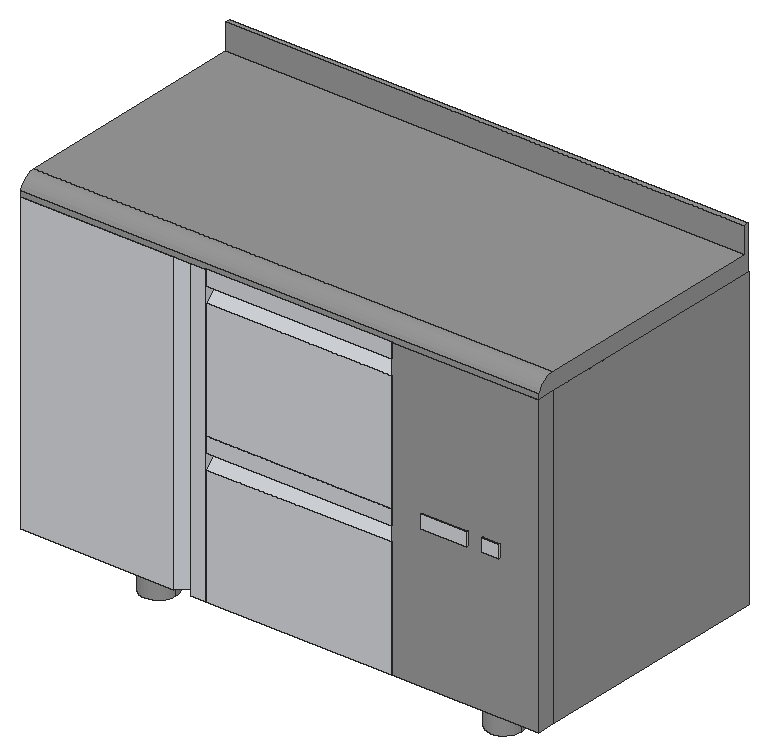
Revit family "Холодильные столы среднетемпературные", category Оборудование, Revit 2020 (continued)
Dimensions and locks
  aligned and locked: Extrusion 28 to Extrusion 31
  aligned and locked: Extrusion 31 to Extrusion 32
  aligned and locked: Extrusion 31 to Extrusion 33
  aligned and locked: plane 13 to cut or joined group of Extrusion 34, Extrusion 36, Extrusion 38, Extrusion 40, Extrusion 42
  aligned and locked: plane 5 to cut or joined group of Extrusion 34, Extrusion 36, Extrusion 38, Extrusion 40, Extrusion 42
  aligned and locked: plane 13 to cut or joined group of Extrusion 35, Extrusion 36, Extrusion 38, Extrusion 40, Extrusion 42
  aligned and locked: plane 5 to cut or joined group of Extrusion 35, Extrusion 36, Extrusion 38, Extrusion 40, Extrusion 42
  aligned and locked: plane 13 to cut or joined group of Extrusion 41, Extrusion 42
  aligned and locked: plane 5 to cut or joined group of Extrusion 41, Extrusion 42
  aligned and locked: plane 13 to cut or joined group of Extrusion 37, Extrusion 38
  aligned and locked: plane 5 to cut or joined group of Extrusion 37, Extrusion 38
  aligned and locked: plane 13 to cut or joined group of Extrusion 39, Extrusion 40
  aligned and locked: plane 5 to cut or joined group of Extrusion 39, Extrusion 40
  aligned and locked: Extrusion 43 to plane 22
  aligned and locked: plane 11 to Extrusion 43
  aligned and locked: Extrusion 44 to plane 10
  aligned and locked: Extrusion 47 sketch curve to Extrusion 29
  aligned and locked: Extrusion 47 sketch curve to Extrusion 44
  aligned and locked: Extrusion 47 sketch curve to Extrusion 1  (x2)
  aligned and locked: Extrusion 47 to Extrusion 1
  aligned and locked: curve 387 to curve 406
  aligned and locked: curve 511 to curve 530
  aligned and locked: curve 513 to curve 484
  aligned and locked: curve 389 to curve 360
  aligned and locked: Extrusion 48 to plane 5
  aligned and locked: Extrusion 48 to Extrusion 9
  aligned and locked: Extrusion 49 to plane 5
  aligned and locked: Extrusion 49 to Extrusion 48  (x2)
  aligned and locked: cut or joined group of Extrusion 39, Extrusion 40 to cut or joined group of Extrusion 37, Extrusion 38
Automatic sketch dimensions
  Extrusion 3 sketch curve to Extrusion 3 sketch curve = 430 mm
  Extrusion 4 sketch curve to Extrusion 4 sketch curve = 430 mm
  Extrusion 3 sketch curve to Extrusion 3 sketch curve = 690 mm
  Extrusion 4 sketch curve to Extrusion 4 sketch curve = 690 mm
  Extrusion 11 sketch curve to Extrusion 11 sketch curve = 60 mm
  Extrusion 11 sketch curve to Extrusion 11 sketch curve = 32.25 mm
  Extrusion 11 sketch curve to Extrusion 11 sketch curve = 11.625 mm
  Extrusion 12 sketch curve to Extrusion 12 sketch curve = 60 mm
  Extrusion 12 sketch curve to Extrusion 12 sketch curve = 32.25 mm
  Extrusion 12 sketch curve to Extrusion 12 sketch curve = 11.625 mm
  Extrusion 2 sketch curve to plane 8 = 0 mm
  Extrusion 2 sketch curve to plane 11 = 0 mm
  Extrusion 5 sketch curve to plane 16 = 0 mm
  Extrusion 5 sketch curve to plane 17 = 0 mm
  Extrusion 6 sketch curve to plane 15 = 0 mm
  Extrusion 6 sketch curve to plane 17 = 0 mm
  Extrusion 7 sketch curve to plane 16 = 0 mm
  Extrusion 7 sketch curve to plane 18 = 0 mm
  Extrusion 8 sketch curve to plane 15 = 0 mm
  Extrusion 8 sketch curve to plane 18 = 0 mm
  Extrusion 9 sketch curve to plane 14 = 15 mm
  plane 15 to Extrusion 9 sketch curve = 70 mm
  Extrusion 9 sketch curve to Extrusion 9 sketch curve = 40 mm
  plane 14 to Extrusion 9 sketch curve = 15 mm
  Extrusion 10 sketch curve to plane 14 = 15 mm
  plane 12 to Extrusion 10 sketch curve = 70 mm
  plane 15 to Extrusion 10 sketch curve = 35 mm
  plane 14 to Extrusion 10 sketch curve = 15 mm
  Extrusion 13 sketch curve to plane 6 = 0 mm
  Extrusion 13 sketch curve to plane 9 = 0 mm
  Extrusion 14 sketch curve to plane 13 = 0 mm
  Extrusion 14 sketch curve to plane 19 = 0 mm
  plane 5 to Extrusion 14 sketch curve = 0 mm  (x2)
  Extrusion 14 sketch curve to plane 12 = 0 mm
  plane 19 to Extrusion 14 sketch curve = 15.251 mm
  Extrusion 14 sketch curve to Extrusion 14 sketch curve = 20 mm
  Extrusion 14 sketch curve to Extrusion 14 sketch curve = 15 mm  (x2)
  Extrusion 14 sketch curve to Extrusion 14 sketch curve = 24.749 mm
  Extrusion 14 sketch curve to plane 5 = 9.749 mm
  Extrusion 15 sketch curve to plane 5 = 0 mm
  Extrusion 15 sketch curve to plane 4 = 0 mm
  Extrusion 15 sketch curve to plane 13 = 0 mm
  Extrusion 15 sketch curve to plane 9 = 0 mm
  Extrusion 15 sketch curve to plane 1 "По центру (Вперед/Назад)" = 0 mm
  Extrusion 15 sketch curve to plane 7 = 0 mm
  Extrusion 15 sketch curve to plane 6 = 0 mm
  plane 13 to Extrusion 15 sketch curve = 0.811 mm
  Extrusion 15 sketch curve to plane 7 = 3.725 mm
  Extrusion 16 sketch curve to plane 13 = 0 mm
  Extrusion 16 sketch curve to plane 19 = 0 mm
  plane 5 to Extrusion 16 sketch curve = 0 mm  (x2)
  plane 19 to Extrusion 16 sketch curve = 15.251 mm
  Extrusion 16 sketch curve to Extrusion 16 sketch curve = 20 mm
  Extrusion 16 sketch curve to Extrusion 16 sketch curve = 15 mm  (x2)
  Extrusion 16 sketch curve to Extrusion 16 sketch curve = 24.749 mm
  plane 20 to Extrusion 16 sketch curve = 860 mm
  Extrusion 16 sketch curve to Extrusion 16 sketch curve = 9.749 mm
  Extrusion 17 sketch curve to plane 13 = 0 mm
  Extrusion 17 sketch curve to plane 21 = 0 mm
  plane 5 to Extrusion 17 sketch curve = 0 mm  (x2)
  Extrusion 17 sketch curve to plane 10 = 0 mm
  plane 21 to Extrusion 17 sketch curve = 15.251 mm
  Extrusion 17 sketch curve to Extrusion 17 sketch curve = 20 mm
  Extrusion 17 sketch curve to Extrusion 17 sketch curve = 15 mm  (x2)
  Extrusion 17 sketch curve to Extrusion 17 sketch curve = 24.749 mm
  Extrusion 17 sketch curve to Extrusion 17 sketch curve = 9.749 mm
  Extrusion 18 sketch curve to plane 13 = 0 mm
  Extrusion 18 sketch curve to plane 21 = 0 mm
  plane 5 to Extrusion 18 sketch curve = 0 mm  (x2)
  Extrusion 18 sketch curve to plane 20 = 0 mm
  plane 21 to Extrusion 18 sketch curve = 15.251 mm
  Extrusion 18 sketch curve to Extrusion 18 sketch curve = 20 mm
  Extrusion 18 sketch curve to Extrusion 18 sketch curve = 15 mm  (x2)
  Extrusion 18 sketch curve to Extrusion 18 sketch curve = 24.749 mm
  Extrusion 18 sketch curve to plane 5 = 9.749 mm
  Extrusion 19 sketch curve to plane 5 = 0 mm  (x2)
  Extrusion 19 sketch curve to plane 13 = 0 mm
  Extrusion 19 sketch curve to plane 14 = 0 mm
  Extrusion 19 sketch curve to plane 7 = 0 mm
  Extrusion 19 sketch curve to Extrusion 19 sketch curve = 15 mm
  Extrusion 19 sketch curve to Extrusion 19 sketch curve = 9.749 mm
  Extrusion 19 sketch curve to plane 7 = 69.749 mm
  Extrusion 19 sketch curve to Extrusion 19 sketch curve = 24.749 mm
  Extrusion 19 sketch curve to Extrusion 19 sketch curve = 10 mm
  Extrusion 19 sketch curve to plane 7 = 15 mm
  Extrusion 20 sketch curve to plane 5 = 0 mm  (x2)
  Extrusion 20 sketch curve to plane 8 = 0 mm
  Extrusion 20 sketch curve to plane 13 = 0 mm
  Extrusion 20 sketch curve to plane 14 = 0 mm
  Extrusion 20 sketch curve to Extrusion 20 sketch curve = 15 mm
  Extrusion 20 sketch curve to Extrusion 20 sketch curve = 9.749 mm
  plane 22 to Extrusion 20 sketch curve = 45.251 mm
  Extrusion 20 sketch curve to Extrusion 20 sketch curve = 24.749 mm
  Extrusion 20 sketch curve to Extrusion 20 sketch curve = 10 mm
  Extrusion 20 sketch curve to plane 14 = 15 mm
  Extrusion 21 sketch curve to plane 5 = 0 mm  (x2)
  Extrusion 21 sketch curve to plane 13 = 0 mm
  Extrusion 21 sketch curve to plane 14 = 0 mm
  Extrusion 21 sketch curve to plane 7 = 0 mm
  Extrusion 21 sketch curve to Extrusion 21 sketch curve = 15 mm
  Extrusion 21 sketch curve to Extrusion 21 sketch curve = 9.749 mm
  Extrusion 21 sketch curve to plane 7 = 69.749 mm
  Extrusion 21 sketch curve to Extrusion 21 sketch curve = 24.749 mm
  Extrusion 21 sketch curve to Extrusion 21 sketch curve = 10 mm
  Extrusion 21 sketch curve to plane 7 = 15 mm
  Extrusion 22 sketch curve to plane 5 = 0 mm  (x2)
  Extrusion 22 sketch curve to plane 8 = 0 mm
  Extrusion 22 sketch curve to plane 13 = 0 mm
  Extrusion 22 sketch curve to plane 14 = 0 mm
  Extrusion 22 sketch curve to plane 5 = 15 mm
  Extrusion 22 sketch curve to Extrusion 22 sketch curve = 9.749 mm
  plane 22 to Extrusion 22 sketch curve = 45.251 mm
  Extrusion 22 sketch curve to Extrusion 22 sketch curve = 24.749 mm
  Extrusion 22 sketch curve to Extrusion 22 sketch curve = 10 mm
  Extrusion 22 sketch curve to plane 14 = 15 mm
  Extrusion 23 sketch curve to plane 5 = 0 mm  (x2)
  Extrusion 23 sketch curve to plane 13 = 0 mm
  Extrusion 23 sketch curve to plane 14 = 0 mm
  Extrusion 23 sketch curve to plane 7 = 0 mm
  Extrusion 23 sketch curve to Extrusion 23 sketch curve = 15 mm
  Extrusion 23 sketch curve to Extrusion 23 sketch curve = 9.749 mm
  Extrusion 23 sketch curve to plane 7 = 69.749 mm
  Extrusion 23 sketch curve to Extrusion 23 sketch curve = 24.749 mm
  Extrusion 23 sketch curve to Extrusion 23 sketch curve = 10 mm
  Extrusion 23 sketch curve to plane 7 = 15 mm
  Extrusion 24 sketch curve to plane 5 = 0 mm  (x2)
  Extrusion 24 sketch curve to plane 8 = 0 mm
  Extrusion 24 sketch curve to plane 13 = 0 mm
  Extrusion 24 sketch curve to plane 14 = 0 mm
  Extrusion 24 sketch curve to plane 5 = 15 mm
  Extrusion 24 sketch curve to Extrusion 24 sketch curve = 9.749 mm
  plane 22 to Extrusion 24 sketch curve = 45.251 mm
  Extrusion 24 sketch curve to Extrusion 24 sketch curve = 24.749 mm
  Extrusion 24 sketch curve to Extrusion 24 sketch curve = 10 mm
  Extrusion 24 sketch curve to plane 14 = 15 mm
  Extrusion 25 sketch curve to plane 5 = 0 mm  (x2)
  Extrusion 25 sketch curve to plane 13 = 0 mm
  Extrusion 25 sketch curve to plane 23 = 0 mm
  Extrusion 25 sketch curve to plane 7 = 0 mm
  Extrusion 25 sketch curve to Extrusion 25 sketch curve = 15 mm
  Extrusion 25 sketch curve to Extrusion 25 sketch curve = 9.749 mm
  Extrusion 25 sketch curve to plane 7 = 69.749 mm
  Extrusion 25 sketch curve to Extrusion 25 sketch curve = 24.749 mm
  Extrusion 25 sketch curve to Extrusion 25 sketch curve = 10 mm
  Extrusion 25 sketch curve to plane 7 = 15 mm
  Extrusion 26 sketch curve to plane 5 = 0 mm  (x2)
  Extrusion 26 sketch curve to plane 13 = 0 mm
  Extrusion 26 sketch curve to plane 22 = 0 mm
  Extrusion 26 sketch curve to plane 23 = 0 mm
  Extrusion 26 sketch curve to plane 5 = 15 mm
  Extrusion 26 sketch curve to Extrusion 26 sketch curve = 9.749 mm
  plane 14 to Extrusion 26 sketch curve = 45.251 mm
  Extrusion 26 sketch curve to Extrusion 26 sketch curve = 24.749 mm
  Extrusion 26 sketch curve to Extrusion 26 sketch curve = 10 mm
  Extrusion 26 sketch curve to plane 23 = 15 mm
  Extrusion 27 sketch curve to plane 5 = 0 mm  (x2)
  Extrusion 27 sketch curve to plane 8 = 0 mm
  Extrusion 27 sketch curve to plane 13 = 0 mm
  Extrusion 27 sketch curve to plane 22 = 0 mm
  Extrusion 27 sketch curve to plane 5 = 15 mm
  Extrusion 27 sketch curve to Extrusion 27 sketch curve = 9.749 mm
  Extrusion 27 sketch curve to plane 22 = 69.749 mm
  Extrusion 27 sketch curve to Extrusion 27 sketch curve = 24.749 mm
  Extrusion 27 sketch curve to Extrusion 27 sketch curve = 10 mm
  Extrusion 27 sketch curve to plane 22 = 15 mm
  Extrusion 28 sketch curve to plane 5 = 0 mm  (x2)
  Extrusion 28 sketch curve to plane 13 = 0 mm
  Extrusion 28 sketch curve to plane 23 = 0 mm
  Extrusion 28 sketch curve to plane 7 = 0 mm
  Extrusion 28 sketch curve to Extrusion 28 sketch curve = 15 mm
  Extrusion 28 sketch curve to Extrusion 28 sketch curve = 9.749 mm
  Extrusion 28 sketch curve to plane 7 = 69.749 mm
  Extrusion 28 sketch curve to Extrusion 28 sketch curve = 24.749 mm
  Extrusion 28 sketch curve to Extrusion 28 sketch curve = 10 mm
  Extrusion 28 sketch curve to plane 7 = 15 mm
  Extrusion 29 sketch curve to plane 5 = 0 mm  (x2)
  Extrusion 29 sketch curve to plane 13 = 0 mm
  Extrusion 29 sketch curve to plane 22 = 0 mm
  Extrusion 29 sketch curve to plane 23 = 0 mm
  Extrusion 29 sketch curve to plane 5 = 15 mm
  Extrusion 29 sketch curve to Extrusion 29 sketch curve = 9.749 mm
  plane 14 to Extrusion 29 sketch curve = 45.251 mm
  Extrusion 29 sketch curve to Extrusion 29 sketch curve = 24.749 mm
  Extrusion 29 sketch curve to Extrusion 29 sketch curve = 10 mm
  Extrusion 29 sketch curve to plane 23 = 15 mm
  Extrusion 30 sketch curve to plane 5 = 0 mm  (x2)
  Extrusion 30 sketch curve to plane 8 = 0 mm
  Extrusion 30 sketch curve to plane 13 = 0 mm
  Extrusion 30 sketch curve to plane 22 = 0 mm
  Extrusion 30 sketch curve to plane 5 = 15 mm
  Extrusion 30 sketch curve to Extrusion 30 sketch curve = 9.749 mm
  Extrusion 30 sketch curve to plane 22 = 69.749 mm
  Extrusion 30 sketch curve to Extrusion 30 sketch curve = 24.749 mm
  Extrusion 30 sketch curve to Extrusion 30 sketch curve = 10 mm
  Extrusion 30 sketch curve to plane 22 = 15 mm
  Extrusion 31 sketch curve to plane 5 = 0 mm  (x2)
  Extrusion 31 sketch curve to plane 13 = 0 mm
  Extrusion 31 sketch curve to plane 23 = 0 mm
  Extrusion 31 sketch curve to plane 7 = 0 mm
  Extrusion 31 sketch curve to Extrusion 31 sketch curve = 15 mm
  Extrusion 31 sketch curve to Extrusion 31 sketch curve = 9.749 mm
  Extrusion 31 sketch curve to plane 7 = 69.749 mm
  Extrusion 31 sketch curve to Extrusion 31 sketch curve = 24.749 mm
  Extrusion 31 sketch curve to Extrusion 31 sketch curve = 10 mm
  Extrusion 31 sketch curve to plane 7 = 15 mm
  Extrusion 32 sketch curve to plane 5 = 0 mm  (x2)
  Extrusion 32 sketch curve to plane 13 = 0 mm
  Extrusion 32 sketch curve to plane 22 = 0 mm
  Extrusion 32 sketch curve to plane 23 = 0 mm
  Extrusion 32 sketch curve to plane 5 = 15 mm
  Extrusion 32 sketch curve to Extrusion 32 sketch curve = 9.749 mm
  plane 14 to Extrusion 32 sketch curve = 45.251 mm
  Extrusion 32 sketch curve to Extrusion 32 sketch curve = 24.749 mm
  Extrusion 32 sketch curve to Extrusion 32 sketch curve = 10 mm
  Extrusion 32 sketch curve to plane 23 = 15 mm
  Extrusion 33 sketch curve to plane 5 = 0 mm  (x2)
  Extrusion 33 sketch curve to plane 8 = 0 mm
  Extrusion 33 sketch curve to plane 13 = 0 mm
  Extrusion 33 sketch curve to plane 22 = 0 mm
  Extrusion 33 sketch curve to plane 5 = 15 mm
  Extrusion 33 sketch curve to Extrusion 33 sketch curve = 9.749 mm
  Extrusion 33 sketch curve to plane 22 = 69.749 mm
  Extrusion 33 sketch curve to Extrusion 33 sketch curve = 24.749 mm
  Extrusion 33 sketch curve to Extrusion 33 sketch curve = 10 mm
  Extrusion 33 sketch curve to plane 22 = 15 mm
  Extrusion 34 sketch curve to plane 8 = 0 mm
  Extrusion 34 sketch curve to plane 10 = 0 mm
  Extrusion 34 sketch curve to plane 7 = 0 mm
  Extrusion 34 sketch curve to plane 21 = 0 mm
  Extrusion 35 sketch curve to plane 21 = 0 mm
  Extrusion 35 sketch curve to plane 7 = 0 mm
  Extrusion 35 sketch curve to plane 20 = 0 mm
  Extrusion 35 sketch curve to plane 23 = 0 mm
  Extrusion 36 sketch curve to plane 5 = 0 mm
  Extrusion 36 sketch curve to plane 13 = 7.75 mm
  plane 23 to Extrusion 36 sketch curve = 103.028 mm
  Extrusion 36 sketch curve to Extrusion 36 sketch curve = 48.375 mm
  Extrusion 36 sketch curve to Extrusion 36 sketch curve = 11.625 mm
  Extrusion 37 sketch curve to plane 14 = 0 mm
  Extrusion 37 sketch curve to plane 20 = 0 mm
  Extrusion 37 sketch curve to plane 7 = 0 mm
  plane 19 to Extrusion 37 sketch curve = 860 mm
  Extrusion 38 sketch curve to plane 5 = 0 mm
  Extrusion 38 sketch curve to plane 13 = 7.75 mm
  plane 23 to Extrusion 38 sketch curve = 103.028 mm
  Extrusion 38 sketch curve to Extrusion 38 sketch curve = 48.375 mm
  Extrusion 38 sketch curve to Extrusion 38 sketch curve = 11.625 mm
  Extrusion 39 sketch curve to plane 8 = 0 mm
  Extrusion 39 sketch curve to plane 20 = 0 mm
  Extrusion 39 sketch curve to plane 14 = 0 mm
  plane 19 to Extrusion 39 sketch curve = 860 mm
  Extrusion 40 sketch curve to plane 5 = 0 mm
  Extrusion 40 sketch curve to plane 13 = 7.75 mm
  Extrusion 40 sketch curve to plane 22 = 11.972 mm
  plane 22 to Extrusion 40 sketch curve = 36.403 mm
  Extrusion 40 sketch curve to Extrusion 40 sketch curve = 11.625 mm
  Extrusion 41 sketch curve to plane 8 = 0 mm
  Extrusion 41 sketch curve to plane 21 = 0 mm
  Extrusion 41 sketch curve to plane 20 = 0 mm
  Extrusion 41 sketch curve to plane 23 = 0 mm
  Extrusion 42 sketch curve to plane 5 = 0 mm
  Extrusion 42 sketch curve to plane 13 = 7.75 mm
  Extrusion 42 sketch curve to plane 14 = 11.972 mm
  plane 14 to Extrusion 42 sketch curve = 36.403 mm
  Extrusion 42 sketch curve to Extrusion 42 sketch curve = 11.625 mm
  Extrusion 43 sketch curve to plane 13 = 0 mm
  plane 5 to Extrusion 43 sketch curve = 0 mm  (x2)
  Extrusion 43 sketch curve to plane 11 = 0 mm
  Extrusion 43 sketch curve to plane 12 = 15 mm
  Extrusion 43 sketch curve to plane 13 = 15.251 mm
  Extrusion 43 sketch curve to Extrusion 43 sketch curve = 24.749 mm
  Extrusion 43 sketch curve to plane 5 = 9.749 mm
  Extrusion 43 sketch curve to Extrusion 43 sketch curve = 15 mm
  Extrusion 43 sketch curve to Extrusion 43 sketch curve = 20 mm
  Extrusion 43 sketch curve to Extrusion 43 sketch curve = 15.251 mm
  Extrusion 44 sketch curve to plane 13 = 0 mm
  Extrusion 44 sketch curve to plane 21 = 0 mm
  plane 5 to Extrusion 44 sketch curve = 0 mm  (x2)
  Extrusion 44 sketch curve to plane 10 = 0 mm
  plane 21 to Extrusion 44 sketch curve = 15.251 mm
  Extrusion 44 sketch curve to Extrusion 44 sketch curve = 20 mm
  Extrusion 44 sketch curve to Extrusion 44 sketch curve = 15 mm  (x2)
  Extrusion 44 sketch curve to Extrusion 44 sketch curve = 24.749 mm
  plane 5 to Extrusion 44 sketch curve = 9.749 mm
  Extrusion 45 sketch curve to plane 13 = 0 mm
  plane 5 to Extrusion 45 sketch curve = 0 mm  (x2)
  plane 12 to Extrusion 45 sketch curve = 130 mm
  Extrusion 45 sketch curve to Extrusion 45 sketch curve = 15.251 mm
  Extrusion 45 sketch curve to Extrusion 45 sketch curve = 20 mm
  Extrusion 45 sketch curve to Extrusion 45 sketch curve = 15 mm  (x2)
  Extrusion 45 sketch curve to Extrusion 45 sketch curve = 24.749 mm
  plane 3 "По центру (Влево/Вправо)" to Extrusion 45 sketch curve = 300 mm
  plane 5 to Extrusion 45 sketch curve = 9.749 mm
  Extrusion 46 sketch curve to plane 13 = 0 mm
  plane 21 to Extrusion 46 sketch curve = 40 mm
  plane 5 to Extrusion 46 sketch curve = 0 mm  (x2)
  plane 20 to Extrusion 46 sketch curve = 40 mm
  plane 21 to Extrusion 46 sketch curve = 55.251 mm
  Extrusion 46 sketch curve to Extrusion 46 sketch curve = 20 mm
  Extrusion 46 sketch curve to Extrusion 46 sketch curve = 15 mm  (x2)
  Extrusion 46 sketch curve to Extrusion 46 sketch curve = 24.749 mm
  Extrusion 46 sketch curve to plane 5 = 9.749 mm
  curve 1 to Extrusion 2 = 70 mm
  curve 285 to Extrusion 2 = 70 mm
  curve 11 to curve 285 = 30 mm
  curve 13 to curve 150 = 12.5 mm
  curve 14 to curve 15 = 30 mm
  curve 15 to curve 16 = 12.5 mm
  curve 16 to curve 151 = 30 mm
  curve 17 to curve 18 = 12.5 mm
  curve 18 to curve 19 = 30 mm
  curve 19 to curve 20 = 12.5 mm
  curve 20 to curve 28 = 30 mm
  curve 22 to Extrusion 2 = 45 mm
  curve 2 to curve 2 = 250 mm
  curve 8 to curve 18 = 95 mm
  curve 17 to curve 18 = 0 mm
  curve 15 to curve 16 = 0 mm
  curve 149 to curve 14 = 0 mm
  curve 23 to Extrusion 2 = 50 mm
  curve 1 to curve 3 = 30 mm
  curve 234 to curve 235 = 12.5 mm
  curve 180 to curve 180 = 30 mm
  curve 225 to curve 226 = 12.5 mm
  curve 6 to curve 7 = 30 mm
  curve 176 to curve 177 = 12.5 mm
  curve 202 to curve 202 = 30 mm
  curve 232 to curve 233 = 12.5 mm
  curve 280 to curve 4 = 0 mm
  curve 281 to curve 6 = 0 mm
  curve 282 to curve 8 = 0 mm
  curve 4 to curve 275 = 10 mm
  curve 6 to curve 276 = 10 mm
  curve 8 to curve 277 = 10 mm
  curve 10 to curve 278 = 10 mm
  curve 1 to curve 274 = 10 mm
  curve 278 to curve 273 = 10 mm
  curve 277 to curve 272 = 10 mm
  curve 275 to curve 270 = 10 mm
  curve 276 to curve 271 = 10 mm
  curve 274 to curve 269 = 10 mm
  curve 269 to curve 264 = 10 mm
  curve 270 to curve 265 = 10 mm
  curve 271 to curve 266 = 10 mm
  curve 272 to curve 267 = 10 mm
  curve 273 to curve 268 = 10 mm
  curve 268 to curve 263 = 10 mm
  curve 266 to curve 261 = 10 mm
  curve 267 to curve 262 = 10 mm
  curve 264 to curve 259 = 10 mm
  curve 265 to curve 260 = 10 mm
  curve 263 to curve 258 = 10 mm
  curve 259 to curve 254 = 10 mm
  curve 260 to curve 255 = 10 mm
  curve 261 to curve 256 = 10 mm
  curve 262 to curve 257 = 10 mm
  curve 258 to curve 253 = 10 mm
  curve 257 to curve 252 = 10 mm
  curve 256 to curve 251 = 10 mm
  curve 255 to curve 250 = 10 mm
  curve 254 to curve 249 = 10 mm
  curve 251 to curve 246 = 10 mm
  curve 249 to curve 244 = 10 mm
  curve 250 to curve 245 = 10 mm
  curve 252 to curve 247 = 10 mm
  curve 253 to curve 248 = 10 mm
  curve 244 to curve 239 = 10 mm
  curve 245 to curve 240 = 10 mm
  curve 246 to curve 241 = 10 mm
  curve 247 to curve 242 = 10 mm
  curve 248 to curve 243 = 10 mm
  curve 239 to curve 234 = 10 mm
  curve 240 to curve 235 = 10 mm
  curve 242 to curve 237 = 10 mm
  curve 243 to curve 238 = 10 mm
  curve 241 to curve 236 = 10 mm
  curve 234 to curve 229 = 10 mm
  curve 235 to curve 230 = 10 mm
  curve 236 to curve 231 = 10 mm
  curve 237 to curve 232 = 10 mm
  curve 238 to curve 233 = 10 mm
  curve 229 to curve 224 = 10 mm
  curve 230 to curve 225 = 10 mm
  curve 231 to curve 226 = 10 mm
  curve 232 to curve 227 = 10 mm
  curve 233 to curve 228 = 10 mm
  curve 224 to curve 219 = 10 mm
  curve 226 to curve 221 = 10 mm
  curve 227 to curve 222 = 10 mm
  curve 228 to curve 223 = 10 mm
  curve 225 to curve 220 = 10 mm
  curve 223 to curve 218 = 10 mm
  curve 222 to curve 217 = 10 mm
  curve 221 to curve 216 = 10 mm
  curve 220 to curve 215 = 10 mm
  curve 219 to curve 214 = 10 mm
  curve 218 to curve 213 = 10 mm
  curve 217 to curve 212 = 10 mm
  curve 216 to curve 211 = 10 mm
  curve 215 to curve 210 = 10 mm
  curve 214 to curve 209 = 10 mm
  curve 213 to curve 208 = 10 mm
  curve 212 to curve 207 = 10 mm
  curve 211 to curve 206 = 10 mm
  curve 209 to curve 204 = 10 mm
  curve 210 to curve 205 = 10 mm
  curve 204 to curve 199 = 10 mm
  curve 205 to curve 200 = 10 mm
  curve 206 to curve 201 = 10 mm
  curve 207 to curve 202 = 10 mm
  curve 208 to curve 203 = 10 mm
  curve 202 to curve 197 = 10 mm
  curve 201 to curve 196 = 10 mm
  curve 200 to curve 195 = 10 mm
  curve 203 to curve 198 = 10 mm
  curve 199 to curve 194 = 10 mm
  curve 196 to curve 191 = 10 mm
  curve 194 to curve 189 = 10 mm
  curve 195 to curve 190 = 10 mm
  curve 197 to curve 192 = 10 mm
  curve 198 to curve 193 = 10 mm
  curve 193 to curve 188 = 10 mm
  curve 192 to curve 187 = 10 mm
  curve 191 to curve 186 = 10 mm
  curve 189 to curve 184 = 10 mm
  curve 190 to curve 185 = 10 mm
  curve 188 to curve 183 = 10 mm
  curve 187 to curve 182 = 10 mm
  curve 186 to curve 181 = 10 mm
  curve 185 to curve 180 = 10 mm
  curve 184 to curve 179 = 10 mm
  curve 181 to curve 176 = 10 mm
  curve 179 to curve 174 = 10 mm
  curve 180 to curve 175 = 10 mm
  curve 182 to curve 177 = 10 mm
  curve 183 to curve 178 = 10 mm
  curve 178 to curve 173 = 10 mm
  curve 177 to curve 172 = 10 mm
  curve 176 to curve 171 = 10 mm
  curve 174 to curve 169 = 10 mm
  curve 175 to curve 170 = 10 mm
  curve 169 to curve 164 = 10 mm
  curve 170 to curve 165 = 10 mm
  curve 171 to curve 166 = 10 mm
  curve 172 to curve 167 = 10 mm
  curve 173 to curve 168 = 10 mm
  curve 164 to curve 159 = 10 mm
  curve 165 to curve 160 = 10 mm
  curve 166 to curve 161 = 10 mm
  curve 167 to curve 162 = 10 mm
  curve 168 to curve 163 = 10 mm
  curve 157 to curve 9 = 0 mm
  curve 156 to curve 7 = 0 mm
  curve 155 to curve 5 = 0 mm
  curve 154 to curve 3 = 30 mm
  curve 13 to curve 144 = 10 mm
  curve 16 to curve 146 = 10 mm
  curve 12 to curve 148 = 10 mm
  curve 19 to curve 147 = 10 mm
  curve 14 to curve 145 = 10 mm
  curve 144 to curve 139 = 10 mm
  curve 148 to curve 143 = 10 mm
  curve 147 to curve 142 = 10 mm
  curve 146 to curve 141 = 10 mm
  curve 145 to curve 140 = 10 mm
  curve 143 to curve 138 = 10 mm
  curve 142 to curve 137 = 10 mm
  curve 139 to curve 134 = 10 mm
  curve 140 to curve 135 = 10 mm
  curve 141 to curve 136 = 10 mm
  curve 134 to curve 129 = 10 mm
  curve 138 to curve 133 = 10 mm
  curve 137 to curve 132 = 10 mm
  curve 136 to curve 131 = 10 mm
  curve 135 to curve 130 = 10 mm
  curve 133 to curve 128 = 10 mm
  curve 132 to curve 127 = 10 mm
  curve 129 to curve 124 = 10 mm
  curve 130 to curve 125 = 10 mm
  curve 131 to curve 126 = 10 mm
  curve 127 to curve 122 = 10 mm
  curve 124 to curve 119 = 10 mm
  curve 125 to curve 120 = 10 mm
  curve 128 to curve 123 = 10 mm
  curve 126 to curve 121 = 10 mm
  curve 119 to curve 114 = 10 mm
  curve 120 to curve 115 = 10 mm
  curve 123 to curve 118 = 10 mm
  curve 121 to curve 116 = 10 mm
  curve 122 to curve 117 = 10 mm
  curve 116 to curve 111 = 10 mm
  curve 114 to curve 109 = 10 mm
  curve 115 to curve 110 = 10 mm
  curve 118 to curve 113 = 10 mm
  curve 117 to curve 112 = 10 mm
  curve 111 to curve 106 = 10 mm
  curve 109 to curve 104 = 10 mm
  curve 110 to curve 105 = 10 mm
  curve 113 to curve 108 = 10 mm
  curve 112 to curve 107 = 10 mm
  curve 104 to curve 99 = 10 mm
  curve 105 to curve 100 = 10 mm
  curve 106 to curve 101 = 10 mm
  curve 107 to curve 102 = 10 mm
  curve 108 to curve 103 = 10 mm
  curve 103 to curve 98 = 10 mm
  curve 99 to curve 94 = 10 mm
  curve 100 to curve 95 = 10 mm
  curve 102 to curve 97 = 10 mm
  curve 101 to curve 96 = 10 mm
  curve 95 to curve 90 = 10 mm
  curve 94 to curve 89 = 10 mm
  curve 98 to curve 93 = 10 mm
  curve 97 to curve 92 = 10 mm
  curve 96 to curve 91 = 10 mm
  curve 90 to curve 85 = 10 mm
  curve 93 to curve 88 = 10 mm
  curve 92 to curve 87 = 10 mm
  curve 91 to curve 86 = 10 mm
  curve 89 to curve 84 = 10 mm
  curve 86 to curve 81 = 10 mm
  curve 88 to curve 83 = 10 mm
  curve 87 to curve 82 = 10 mm
  curve 84 to curve 79 = 10 mm
  curve 85 to curve 80 = 10 mm
  curve 82 to curve 77 = 10 mm
  curve 79 to curve 74 = 10 mm
  curve 80 to curve 75 = 10 mm
  curve 83 to curve 78 = 10 mm
  curve 81 to curve 76 = 10 mm
  curve 74 to curve 69 = 10 mm
  curve 75 to curve 70 = 10 mm
  curve 78 to curve 73 = 10 mm
  curve 77 to curve 72 = 10 mm
  curve 76 to curve 71 = 10 mm
  curve 69 to curve 64 = 10 mm
  curve 73 to curve 68 = 10 mm
  curve 72 to curve 67 = 10 mm
  curve 71 to curve 66 = 10 mm
  curve 70 to curve 65 = 10 mm
  curve 68 to curve 63 = 10 mm
  curve 67 to curve 62 = 10 mm
  curve 64 to curve 59 = 10 mm
  curve 65 to curve 60 = 10 mm
  curve 66 to curve 61 = 10 mm
  curve 63 to curve 58 = 10 mm
  curve 59 to curve 54 = 10 mm
  curve 60 to curve 55 = 10 mm
  curve 61 to curve 56 = 10 mm
  curve 62 to curve 57 = 10 mm
  curve 56 to curve 51 = 10 mm
  curve 55 to curve 50 = 10 mm
  curve 58 to curve 53 = 10 mm
  curve 57 to curve 52 = 10 mm
  curve 54 to curve 49 = 10 mm
  curve 53 to curve 48 = 10 mm
  curve 52 to curve 47 = 10 mm
  curve 51 to curve 46 = 10 mm
  curve 49 to curve 44 = 10 mm
  curve 50 to curve 45 = 10 mm
  curve 44 to curve 39 = 10 mm
  curve 45 to curve 40 = 10 mm
  curve 46 to curve 41 = 10 mm
  curve 47 to curve 42 = 10 mm
  curve 48 to curve 43 = 10 mm
  curve 40 to curve 35 = 10 mm
  curve 39 to curve 34 = 10 mm
  curve 41 to curve 36 = 10 mm
  curve 43 to curve 38 = 10 mm
  curve 42 to curve 37 = 10 mm
  curve 35 to curve 30 = 10 mm
  curve 34 to curve 29 = 10 mm
  curve 38 to curve 33 = 10 mm
  curve 32 to curve 19 = 10 mm
  curve 36 to curve 31 = 10 mm
  curve 25 to curve 14 = 0 mm
  curve 26 to curve 16 = 0 mm
  curve 27 to curve 18 = 0 mm
  Extrusion 48 sketch curve to Extrusion 2 = 37.295 mm
  Extrusion 48 sketch curve to Extrusion 2 = 160 mm
  Extrusion 48 sketch curve to Extrusion 48 sketch curve = 66.042 mm
  Extrusion 48 sketch curve to Extrusion 48 sketch curve = 20 mm
  Extrusion 49 sketch curve to Extrusion 2 = 37.295 mm
  Extrusion 49 sketch curve to Extrusion 2 = 137.5 mm
  Extrusion 49 sketch curve to Extrusion 49 sketch curve = 31.374 mm
  Extrusion 49 sketch curve to Extrusion 49 sketch curve = 20 mm
  curve 511 to curve 510 = 190 mm
  curve 530 to curve 529 = 18.028 mm  (x4)
  curve 518 to curve 519 = 18.028 mm  (x2)
  curve 526 to curve 527 = 18.028 mm  (x2)
  curve 530 to curve 531 = 18.028 mm  (x2)
  curve 518 to curve 517 = 18.028 mm  (x4)
  curve 511 to curve 533 = 15 mm  (x3)
  curve 526 to curve 525 = 18.028 mm  (x2)
  curve 510 to curve 515 = 18.028 mm
  curve 522 to curve 521 = 18.028 mm  (x4)
  curve 522 to curve 523 = 18.028 mm  (x2)
  curve 525 to curve 526 = 18.028 mm  (x2)
  curve 515 to curve 514 = 18.028 mm  (x2)
  curve 515 to curve 516 = 18.028 mm  (x2)
  curve 521 to curve 520 = 18.028 mm  (x2)
  curve 527 to curve 528 = 18.028 mm  (x2)
  curve 531 to curve 532 = 18.028 mm  (x2)
  curve 529 to curve 530 = 18.028 mm  (x2)
  curve 523 to curve 524 = 18.028 mm  (x2)
  curve 514 to curve 410 = 13 mm  (x3)
  curve 530 to curve 490 = 13 mm  (x3)
  curve 518 to curve 430 = 13 mm  (x5)
  curve 526 to curve 470 = 13 mm  (x3)
  curve 522 to curve 450 = 13 mm  (x5)
  curve 430 to curve 517 = 10.198 mm  (x2)
  curve 430 to curve 519 = 10.198 mm  (x2)
  curve 450 to curve 521 = 10.198 mm  (x2)
  curve 450 to curve 523 = 10.198 mm  (x2)
  curve 470 to curve 525 = 10.198 mm  (x4)
  curve 470 to curve 527 = 10.198 mm  (x2)
  curve 490 to curve 529 = 10.198 mm  (x2)
  curve 532 to curve 533 = 18.028 mm  (x2)
  curve 490 to curve 531 = 10.198 mm  (x2)
  curve 410 to curve 515 = 10.198 mm  (x2)
  curve 531 to curve 495 = 13 mm  (x3)
  curve 523 to curve 455 = 13 mm  (x5)
  curve 515 to curve 415 = 13 mm  (x3)
  curve 533 to curve 505 = 13 mm  (x3)
  curve 521 to curve 445 = 13 mm  (x3)
  curve 525 to curve 465 = 13 mm  (x3)
  curve 519 to curve 435 = 13 mm  (x3)
  curve 529 to curve 485 = 13 mm  (x3)
  curve 517 to curve 425 = 13 mm  (x3)
  curve 527 to curve 475 = 13 mm  (x3)
  curve 415 to curve 516 = 10.198 mm  (x2)
  curve 435 to curve 520 = 10.198 mm  (x2)
  curve 455 to curve 524 = 10.198 mm  (x2)
  curve 495 to curve 532 = 10.198 mm  (x2)
  curve 475 to curve 528 = 10.198 mm  (x2)
  curve 425 to curve 430 = 18.028 mm  (x2)
  curve 520 to curve 440 = 13 mm  (x3)
  curve 516 to curve 420 = 13 mm  (x3)
  curve 532 to curve 500 = 13 mm  (x3)
  curve 524 to curve 460 = 13 mm  (x3)
  curve 485 to curve 490 = 18.028 mm  (x2)
  curve 445 to curve 450 = 18.028 mm  (x2)
  curve 465 to curve 470 = 18.028 mm  (x2)
  curve 528 to curve 480 = 13 mm  (x3)
  curve 450 to curve 451 = 12.5 mm  (x5)
  curve 430 to curve 431 = 12.5 mm  (x3)
  curve 470 to curve 471 = 12.5 mm  (x5)
  curve 490 to curve 491 = 12.5 mm  (x3)
  curve 410 to curve 411 = 12.5 mm  (x5)
  curve 500 to curve 505 = 18.028 mm  (x2)
  curve 451 to curve 455 = 10.308 mm  (x2)
  curve 491 to curve 485 = 10.308 mm  (x4)
  curve 471 to curve 465 = 10.308 mm  (x4)
  curve 431 to curve 435 = 10.308 mm  (x2)
  curve 491 to curve 495 = 10.308 mm  (x2)
  curve 431 to curve 425 = 10.308 mm  (x2)
  curve 411 to curve 415 = 10.308 mm  (x2)
  curve 471 to curve 475 = 10.308 mm  (x2)
  curve 451 to curve 445 = 10.308 mm  (x4)
  curve 425 to curve 426 = 12.5 mm  (x3)
  curve 435 to curve 436 = 12.5 mm  (x3)
  curve 415 to curve 416 = 12.5 mm  (x3)
  curve 475 to curve 476 = 12.5 mm  (x3)
  curve 465 to curve 466 = 12.5 mm  (x3)
  curve 495 to curve 496 = 12.5 mm  (x3)
  curve 505 to curve 506 = 12.5 mm  (x4)
  curve 445 to curve 446 = 12.5 mm  (x3)
  curve 455 to curve 456 = 12.5 mm  (x5)
  curve 485 to curve 486 = 12.5 mm  (x3)
  curve 486 to curve 480 = 10.308 mm  (x4)
  curve 506 to curve 500 = 10.308 mm  (x4)
  curve 446 to curve 440 = 10.308 mm  (x4)
  curve 466 to curve 460 = 10.308 mm  (x4)
  curve 426 to curve 420 = 10.308 mm  (x4)
  curve 436 to curve 431 = 18.028 mm  (x4)
  curve 480 to curve 481 = 12.5 mm  (x3)
  curve 460 to curve 461 = 12.5 mm  (x3)
  curve 496 to curve 491 = 18.028 mm  (x2)
  curve 440 to curve 441 = 12.5 mm  (x3)
  curve 416 to curve 411 = 18.028 mm  (x2)
  curve 420 to curve 421 = 12.5 mm  (x3)
  curve 446 to curve 451 = 18.028 mm  (x2)
  curve 466 to curve 471 = 18.028 mm  (x2)
  curve 500 to curve 501 = 12.5 mm  (x3)
  curve 411 to curve 412 = 12.5 mm  (x5)
  curve 471 to curve 472 = 12.5 mm  (x5)
  curve 451 to curve 452 = 12.5 mm  (x3)
  curve 491 to curve 492 = 12.5 mm  (x3)
  curve 431 to curve 432 = 12.5 mm  (x3)
  curve 492 to curve 496 = 10.308 mm  (x2)
  curve 432 to curve 426 = 10.308 mm  (x2)
  curve 412 to curve 416 = 10.308 mm  (x2)
  curve 452 to curve 446 = 10.308 mm  (x2)
  curve 501 to curve 506 = 18.028 mm  (x2)
  curve 452 to curve 456 = 10.308 mm  (x2)
  curve 472 to curve 466 = 10.308 mm  (x4)
  curve 492 to curve 486 = 10.308 mm  (x4)
  curve 432 to curve 436 = 10.308 mm  (x2)
  curve 472 to curve 476 = 10.308 mm  (x2)
  curve 486 to curve 487 = 12.5 mm  (x3)
  curve 506 to curve 507 = 12.5 mm  (x4)
  curve 456 to curve 457 = 12.5 mm  (x5)
  curve 426 to curve 427 = 12.5 mm  (x3)
  curve 446 to curve 447 = 12.5 mm  (x3)
  curve 416 to curve 417 = 12.5 mm  (x3)
  curve 466 to curve 467 = 12.5 mm  (x3)
  curve 496 to curve 497 = 12.5 mm  (x3)
  curve 476 to curve 477 = 12.5 mm  (x5)
  curve 436 to curve 437 = 12.5 mm  (x3)
  curve 467 to curve 461 = 10.308 mm  (x4)
  curve 427 to curve 421 = 10.308 mm  (x4)
  curve 487 to curve 481 = 10.308 mm  (x2)
  curve 507 to curve 501 = 10.308 mm  (x2)
  curve 447 to curve 441 = 10.308 mm  (x2)
  curve 447 to curve 452 = 18.028 mm  (x2)
  curve 421 to curve 422 = 12.5 mm  (x3)
  curve 461 to curve 462 = 12.5 mm  (x3)
  curve 441 to curve 442 = 12.5 mm  (x3)
  curve 497 to curve 492 = 18.028 mm  (x2)
  curve 501 to curve 502 = 12.5 mm  (x3)
  curve 437 to curve 432 = 18.028 mm  (x2)
  curve 417 to curve 412 = 18.028 mm  (x2)
  curve 481 to curve 482 = 12.5 mm  (x3)
  curve 467 to curve 472 = 18.028 mm  (x2)
  curve 412 to curve 413 = 12.5 mm  (x5)
  curve 492 to curve 493 = 12.5 mm  (x3)
  curve 472 to curve 473 = 12.5 mm  (x5)
  curve 432 to curve 433 = 12.5 mm  (x3)
  curve 452 to curve 453 = 12.5 mm  (x3)
  curve 433 to curve 427 = 10.308 mm  (x4)
  curve 493 to curve 487 = 10.308 mm  (x4)
  curve 433 to curve 437 = 10.308 mm  (x2)
  curve 502 to curve 507 = 18.028 mm  (x2)
  curve 453 to curve 447 = 10.308 mm  (x2)
  curve 493 to curve 497 = 10.308 mm  (x2)
  curve 453 to curve 457 = 10.308 mm  (x2)
  curve 473 to curve 467 = 10.308 mm  (x4)
  curve 413 to curve 417 = 10.308 mm  (x2)
  curve 473 to curve 477 = 10.308 mm  (x2)
  curve 417 to curve 418 = 12.5 mm  (x3)
  curve 477 to curve 478 = 12.5 mm  (x5)
  curve 437 to curve 438 = 12.5 mm  (x3)
  curve 457 to curve 458 = 12.5 mm  (x3)
  curve 447 to curve 448 = 12.5 mm  (x3)
  curve 497 to curve 498 = 12.5 mm  (x3)
  curve 487 to curve 488 = 12.5 mm  (x3)
  curve 427 to curve 428 = 12.5 mm  (x3)
  curve 467 to curve 468 = 12.5 mm  (x3)
  curve 507 to curve 508 = 12.5 mm  (x4)
  curve 438 to curve 442 = 10.308 mm  (x2)
  curve 458 to curve 462 = 10.308 mm  (x2)
  curve 498 to curve 502 = 10.308 mm  (x2)
  curve 478 to curve 482 = 10.308 mm  (x2)
  curve 418 to curve 422 = 10.308 mm  (x2)
  curve 422 to curve 423 = 12.5 mm  (x3)
  curve 442 to curve 443 = 12.5 mm  (x3)
  curve 488 to curve 493 = 18.028 mm  (x2)
  curve 458 to curve 453 = 18.028 mm  (x2)
  curve 478 to curve 473 = 18.028 mm  (x2)
  curve 482 to curve 483 = 12.5 mm  (x3)
  curve 438 to curve 433 = 18.028 mm  (x2)
  curve 502 to curve 503 = 12.5 mm  (x3)
  curve 462 to curve 463 = 12.5 mm  (x3)
  curve 418 to curve 413 = 18.028 mm  (x2)
  curve 433 to curve 434 = 12.5 mm  (x3)
  curve 453 to curve 454 = 12.5 mm  (x3)
  curve 473 to curve 474 = 12.5 mm  (x5)
  curve 493 to curve 494 = 12.5 mm  (x3)
  curve 413 to curve 414 = 12.5 mm  (x5)
  curve 454 to curve 448 = 10.308 mm  (x2)
  curve 494 to curve 488 = 10.308 mm  (x4)
  curve 434 to curve 438 = 10.308 mm  (x2)
  curve 503 to curve 508 = 18.028 mm  (x2)
  curve 474 to curve 468 = 10.308 mm  (x4)
  curve 474 to curve 478 = 10.308 mm  (x2)
  curve 454 to curve 458 = 10.308 mm  (x2)
  curve 414 to curve 418 = 10.308 mm  (x2)
  curve 434 to curve 428 = 10.308 mm  (x4)
  curve 494 to curve 498 = 10.308 mm  (x2)
  curve 438 to curve 439 = 12.5 mm  (x3)
  curve 478 to curve 479 = 12.5 mm  (x5)
  curve 458 to curve 459 = 12.5 mm  (x3)
  curve 498 to curve 499 = 12.5 mm  (x3)
  curve 418 to curve 419 = 12.5 mm  (x3)
  curve 428 to curve 429 = 12.5 mm  (x3)
  curve 468 to curve 469 = 12.5 mm  (x3)
  curve 448 to curve 449 = 12.5 mm  (x3)
  curve 508 to curve 509 = 12.5 mm  (x4)
  curve 488 to curve 489 = 12.5 mm  (x3)
  curve 439 to curve 443 = 10.308 mm  (x2)
  curve 479 to curve 483 = 10.308 mm  (x2)
  curve 419 to curve 423 = 10.308 mm  (x2)
  curve 459 to curve 463 = 10.308 mm  (x2)
  curve 499 to curve 503 = 10.308 mm  (x2)
  curve 443 to curve 444 = 12.5 mm  (x3)
  curve 503 to curve 504 = 12.5 mm  (x3)
  curve 423 to curve 424 = 12.5 mm  (x3)
  curve 463 to curve 464 = 12.5 mm  (x3)
  curve 419 to curve 414 = 18.028 mm  (x4)
  curve 429 to curve 434 = 18.028 mm  (x2)
  curve 489 to curve 494 = 18.028 mm  (x2)
  curve 483 to curve 484 = 12.5 mm  (x3)
  curve 449 to curve 454 = 18.028 mm  (x2)
  curve 469 to curve 474 = 18.028 mm  (x2)
  curve 444 to curve 449 = 18.028 mm  (x2)
  curve 484 to curve 489 = 18.028 mm  (x2)
  curve 509 to curve 512 = 15 mm  (x2)
  curve 464 to curve 459 = 18.028 mm  (x2)
  curve 424 to curve 429 = 18.028 mm  (x2)
  curve 464 to curve 469 = 18.028 mm  (x2)
  curve 424 to curve 419 = 18.028 mm  (x2)
  curve 484 to curve 479 = 18.028 mm  (x4)
  curve 444 to curve 439 = 18.028 mm  (x2)
  curve 504 to curve 499 = 18.028 mm  (x2)
  curve 459 to curve 464 = 18.028 mm  (x2)
  curve 449 to curve 444 = 18.028 mm  (x2)
  curve 479 to curve 484 = 18.028 mm  (x2)
  curve 419 to curve 424 = 18.028 mm
  curve 533 to curve 511 = 15 mm
  curve 533 to curve 532 = 18.028 mm  (x2)
  curve 501 to curve 500 = 12.5 mm  (x2)
  curve 502 to curve 501 = 12.5 mm  (x2)
  curve 503 to curve 502 = 12.5 mm  (x2)
  curve 504 to curve 503 = 12.5 mm  (x2)
  curve 532 to curve 531 = 18.028 mm  (x2)
  curve 532 to curve 495 = 10.198 mm  (x2)
  curve 500 to curve 496 = 10.308 mm  (x2)
  curve 501 to curve 497 = 10.308 mm  (x2)
  curve 502 to curve 498 = 10.308 mm  (x2)
  curve 503 to curve 499 = 10.308 mm  (x2)
  curve 499 to curve 494 = 18.028 mm  (x2)
  curve 495 to curve 490 = 18.028 mm  (x2)
  curve 495 to curve 491 = 10.308 mm  (x2)
  curve 496 to curve 492 = 10.308 mm  (x2)
  curve 497 to curve 493 = 10.308 mm  (x2)
  curve 531 to curve 530 = 18.028 mm  (x2)
  curve 494 to curve 489 = 18.028 mm  (x2)
  curve 485 to curve 528 = 10.198 mm  (x2)
  curve 481 to curve 480 = 12.5 mm  (x2)
  curve 482 to curve 481 = 12.5 mm  (x2)
  curve 489 to curve 484 = 18.028 mm  (x2)
  curve 489 to curve 483 = 10.308 mm  (x2)
  curve 528 to curve 527 = 18.028 mm  (x2)
  curve 528 to curve 475 = 10.198 mm  (x2)
  curve 527 to curve 526 = 18.028 mm  (x2)
  curve 479 to curve 474 = 18.028 mm  (x2)
  curve 474 to curve 469 = 18.028 mm  (x2)
  curve 469 to curve 464 = 18.028 mm  (x2)
  curve 469 to curve 463 = 10.308 mm  (x2)
  curve 468 to curve 462 = 10.308 mm  (x2)
  curve 465 to curve 524 = 10.198 mm  (x2)
  curve 462 to curve 457 = 18.028 mm  (x2)
  curve 462 to curve 458 = 10.308 mm  (x2)
  curve 463 to curve 459 = 10.308 mm  (x2)
  curve 456 to curve 451 = 18.028 mm  (x2)
  curve 457 to curve 452 = 18.028 mm  (x2)
  curve 457 to curve 453 = 10.308 mm  (x2)
  curve 459 to curve 454 = 18.028 mm  (x2)
  curve 446 to curve 445 = 12.5 mm  (x2)
  curve 447 to curve 446 = 12.5 mm  (x2)
  curve 448 to curve 447 = 12.5 mm  (x2)
  curve 449 to curve 448 = 12.5 mm  (x2)
  curve 445 to curve 520 = 10.198 mm  (x2)
  curve 446 to curve 441 = 18.028 mm  (x2)
  curve 442 to curve 441 = 12.5 mm  (x2)
  curve 443 to curve 442 = 12.5 mm  (x2)
  curve 444 to curve 443 = 12.5 mm  (x2)
  curve 520 to curve 519 = 18.028 mm  (x2)
  curve 520 to curve 435 = 10.198 mm  (x2)
  curve 440 to curve 436 = 10.308 mm  (x2)
  curve 441 to curve 437 = 10.308 mm  (x2)
  curve 442 to curve 438 = 10.308 mm  (x2)
  curve 443 to curve 439 = 10.308 mm  (x2)
  curve 519 to curve 430 = 10.198 mm  (x2)
  curve 436 to curve 432 = 10.308 mm  (x2)
  curve 437 to curve 433 = 10.308 mm  (x2)
  curve 438 to curve 434 = 10.308 mm  (x2)
  curve 430 to curve 425 = 18.028 mm  (x2)
  curve 426 to curve 425 = 12.5 mm  (x2)
  curve 434 to curve 429 = 18.028 mm  (x2)
  curve 429 to curve 424 = 18.028 mm  (x2)
  curve 517 to curve 516 = 18.028 mm  (x2)
  curve 422 to curve 421 = 12.5 mm  (x2)
  curve 423 to curve 422 = 12.5 mm  (x2)
  curve 516 to curve 515 = 18.028 mm  (x2)
  curve 516 to curve 415 = 10.198 mm  (x2)
  curve 422 to curve 418 = 10.308 mm  (x2)
  curve 420 to curve 416 = 10.308 mm  (x2)
  curve 423 to curve 419 = 10.308 mm  (x2)
  curve 421 to curve 417 = 10.308 mm  (x2)
  curve 387 to curve 386 = 190 mm
  curve 406 to curve 405 = 18.028 mm  (x4)
  curve 394 to curve 395 = 18.028 mm  (x2)
  curve 402 to curve 403 = 18.028 mm  (x2)
  curve 406 to curve 407 = 18.028 mm  (x2)
  curve 394 to curve 393 = 18.028 mm  (x3)
  curve 387 to curve 409 = 15 mm  (x3)
  curve 402 to curve 401 = 18.028 mm  (x3)
  curve 386 to curve 391 = 18.028 mm
  curve 398 to curve 397 = 18.028 mm  (x3)
  curve 398 to curve 399 = 18.028 mm  (x2)
  curve 401 to curve 402 = 18.028 mm  (x2)
  curve 391 to curve 390 = 18.028 mm  (x3)
  curve 391 to curve 392 = 18.028 mm  (x2)
  curve 397 to curve 396 = 18.028 mm
  curve 403 to curve 404 = 18.028 mm  (x2)
  curve 407 to curve 408 = 18.028 mm  (x2)
  curve 405 to curve 406 = 18.028 mm  (x2)
  curve 399 to curve 400 = 18.028 mm  (x2)
  curve 390 to curve 286 = 13 mm  (x3)
  curve 406 to curve 366 = 13 mm  (x3)
  curve 394 to curve 306 = 13 mm  (x4)
  curve 402 to curve 346 = 13 mm  (x3)
  curve 398 to curve 326 = 13 mm  (x4)
  curve 306 to curve 393 = 10.198 mm  (x3)
  curve 306 to curve 395 = 10.198 mm  (x2)
  curve 326 to curve 397 = 10.198 mm  (x3)
  curve 326 to curve 399 = 10.198 mm  (x2)
  curve 346 to curve 401 = 10.198 mm  (x3)
  curve 346 to curve 403 = 10.198 mm  (x2)
  curve 366 to curve 405 = 10.198 mm  (x2)
  curve 408 to curve 409 = 18.028 mm  (x2)
  curve 366 to curve 407 = 10.198 mm  (x2)
  curve 286 to curve 391 = 10.198 mm  (x2)
  curve 407 to curve 371 = 13 mm  (x3)
  curve 399 to curve 331 = 13 mm  (x4)
  curve 391 to curve 291 = 13 mm  (x3)
  curve 409 to curve 381 = 13 mm  (x3)
  curve 397 to curve 321 = 13 mm  (x3)
  curve 401 to curve 341 = 13 mm  (x3)
  curve 395 to curve 311 = 13 mm  (x3)
  curve 405 to curve 361 = 13 mm  (x3)
  curve 393 to curve 301 = 13 mm  (x3)
  curve 403 to curve 351 = 13 mm  (x4)
  curve 291 to curve 392 = 10.198 mm  (x2)
  curve 311 to curve 396 = 10.198 mm  (x2)
  curve 331 to curve 400 = 10.198 mm  (x2)
  curve 371 to curve 408 = 10.198 mm  (x2)
  curve 351 to curve 404 = 10.198 mm  (x2)
  curve 301 to curve 306 = 18.028 mm  (x2)
  curve 396 to curve 316 = 13 mm  (x3)
  curve 392 to curve 296 = 13 mm  (x3)
  curve 408 to curve 376 = 13 mm  (x3)
  curve 400 to curve 336 = 13 mm  (x3)
  curve 361 to curve 366 = 18.028 mm  (x2)
  curve 321 to curve 326 = 18.028 mm  (x2)
  curve 341 to curve 346 = 18.028 mm  (x2)
  curve 404 to curve 356 = 13 mm  (x3)
  curve 326 to curve 327 = 12.5 mm  (x4)
  curve 306 to curve 307 = 12.5 mm  (x4)
  curve 346 to curve 347 = 12.5 mm  (x5)
  curve 366 to curve 367 = 12.5 mm  (x4)
  curve 286 to curve 287 = 12.5 mm  (x5)
  curve 376 to curve 381 = 18.028 mm  (x2)
  curve 327 to curve 331 = 10.308 mm  (x2)
  curve 367 to curve 361 = 10.308 mm  (x4)
  curve 347 to curve 341 = 10.308 mm  (x4)
  curve 307 to curve 311 = 10.308 mm  (x2)
  curve 367 to curve 371 = 10.308 mm  (x2)
  curve 307 to curve 301 = 10.308 mm  (x3)
  curve 287 to curve 291 = 10.308 mm  (x2)
  curve 347 to curve 351 = 10.308 mm  (x2)
  curve 327 to curve 321 = 10.308 mm  (x4)
  curve 301 to curve 302 = 12.5 mm  (x3)
  curve 311 to curve 312 = 12.5 mm  (x4)
  curve 291 to curve 292 = 12.5 mm  (x4)
  curve 351 to curve 352 = 12.5 mm  (x4)
  curve 341 to curve 342 = 12.5 mm  (x3)
  curve 371 to curve 372 = 12.5 mm  (x3)
  curve 381 to curve 382 = 12.5 mm  (x5)
  curve 321 to curve 322 = 12.5 mm  (x3)
  curve 331 to curve 332 = 12.5 mm  (x5)
  curve 361 to curve 362 = 12.5 mm  (x3)
  curve 362 to curve 356 = 10.308 mm  (x3)
  curve 382 to curve 376 = 10.308 mm  (x3)
  curve 322 to curve 316 = 10.308 mm  (x4)
  curve 342 to curve 336 = 10.308 mm  (x3)
  curve 302 to curve 296 = 10.308 mm  (x3)
  curve 312 to curve 307 = 18.028 mm  (x3)
  curve 356 to curve 357 = 12.5 mm  (x3)
  curve 336 to curve 337 = 12.5 mm  (x3)
  curve 372 to curve 367 = 18.028 mm  (x2)
  curve 316 to curve 317 = 12.5 mm  (x3)
  curve 292 to curve 287 = 18.028 mm  (x2)
  curve 296 to curve 297 = 12.5 mm  (x3)
  curve 322 to curve 327 = 18.028 mm  (x2)
  curve 342 to curve 347 = 18.028 mm  (x2)
  curve 376 to curve 377 = 12.5 mm  (x3)
  curve 287 to curve 288 = 12.5 mm  (x4)
  curve 347 to curve 348 = 12.5 mm  (x5)
  curve 327 to curve 328 = 12.5 mm  (x3)
  curve 367 to curve 368 = 12.5 mm  (x4)
  curve 307 to curve 308 = 12.5 mm  (x4)
  curve 368 to curve 372 = 10.308 mm  (x2)
  curve 308 to curve 302 = 10.308 mm  (x3)
  curve 288 to curve 292 = 10.308 mm  (x2)
  curve 328 to curve 322 = 10.308 mm  (x3)
  curve 377 to curve 382 = 18.028 mm  (x2)
  curve 328 to curve 332 = 10.308 mm  (x2)
  curve 348 to curve 342 = 10.308 mm  (x4)
  curve 368 to curve 362 = 10.308 mm  (x3)
  curve 308 to curve 312 = 10.308 mm  (x2)
  curve 348 to curve 352 = 10.308 mm  (x2)
  curve 362 to curve 363 = 12.5 mm  (x3)
  curve 382 to curve 383 = 12.5 mm  (x5)
  curve 332 to curve 333 = 12.5 mm  (x5)
  curve 302 to curve 303 = 12.5 mm  (x3)
  curve 322 to curve 323 = 12.5 mm  (x3)
  curve 292 to curve 293 = 12.5 mm  (x3)
  curve 342 to curve 343 = 12.5 mm  (x3)
  curve 372 to curve 373 = 12.5 mm  (x3)
  curve 352 to curve 353 = 12.5 mm  (x5)
  curve 312 to curve 313 = 12.5 mm  (x4)
  curve 343 to curve 337 = 10.308 mm  (x3)
  curve 303 to curve 297 = 10.308 mm  (x3)
  curve 363 to curve 357 = 10.308 mm  (x2)
  curve 383 to curve 377 = 10.308 mm  (x2)
  curve 323 to curve 317 = 10.308 mm  (x2)
  curve 323 to curve 328 = 18.028 mm  (x2)
  curve 297 to curve 298 = 12.5 mm  (x3)
  curve 337 to curve 338 = 12.5 mm  (x3)
  curve 317 to curve 318 = 12.5 mm  (x3)
  curve 373 to curve 368 = 18.028 mm  (x2)
  curve 377 to curve 378 = 12.5 mm  (x3)
  curve 313 to curve 308 = 18.028 mm  (x2)
  curve 293 to curve 288 = 18.028 mm  (x2)
  curve 357 to curve 358 = 12.5 mm  (x3)
  curve 343 to curve 348 = 18.028 mm  (x2)
  curve 288 to curve 289 = 12.5 mm  (x4)
  curve 368 to curve 369 = 12.5 mm  (x4)
  curve 348 to curve 349 = 12.5 mm  (x5)
  curve 308 to curve 309 = 12.5 mm  (x4)
  curve 328 to curve 329 = 12.5 mm  (x3)
  curve 309 to curve 303 = 10.308 mm  (x4)
  curve 369 to curve 363 = 10.308 mm  (x3)
  curve 309 to curve 313 = 10.308 mm  (x2)
  curve 378 to curve 383 = 18.028 mm  (x2)
  curve 329 to curve 323 = 10.308 mm  (x3)
  curve 369 to curve 373 = 10.308 mm  (x2)
  curve 329 to curve 333 = 10.308 mm  (x2)
  curve 349 to curve 343 = 10.308 mm  (x4)
  curve 289 to curve 293 = 10.308 mm  (x2)
  curve 349 to curve 353 = 10.308 mm  (x2)
  curve 293 to curve 294 = 12.5 mm  (x3)
  curve 353 to curve 354 = 12.5 mm  (x5)
  curve 313 to curve 314 = 12.5 mm  (x3)
  curve 333 to curve 334 = 12.5 mm  (x4)
  curve 323 to curve 324 = 12.5 mm  (x3)
  curve 373 to curve 374 = 12.5 mm  (x3)
  curve 363 to curve 364 = 12.5 mm  (x3)
  curve 303 to curve 304 = 12.5 mm  (x3)
  curve 343 to curve 344 = 12.5 mm  (x3)
  curve 383 to curve 384 = 12.5 mm  (x5)
  curve 314 to curve 318 = 10.308 mm  (x2)
  curve 334 to curve 338 = 10.308 mm  (x2)
  curve 374 to curve 378 = 10.308 mm  (x2)
  curve 354 to curve 358 = 10.308 mm  (x2)
  curve 294 to curve 298 = 10.308 mm  (x2)
  curve 298 to curve 299 = 12.5 mm  (x3)
  curve 318 to curve 319 = 12.5 mm  (x3)
  curve 364 to curve 369 = 18.028 mm  (x2)
  curve 334 to curve 329 = 18.028 mm  (x2)
  curve 354 to curve 349 = 18.028 mm
  curve 358 to curve 359 = 12.5 mm  (x3)
  curve 314 to curve 309 = 18.028 mm  (x2)
  curve 378 to curve 379 = 12.5 mm  (x3)
  curve 338 to curve 339 = 12.5 mm  (x3)
  curve 294 to curve 289 = 18.028 mm  (x2)
  curve 309 to curve 310 = 12.5 mm  (x3)
  curve 329 to curve 330 = 12.5 mm  (x3)
  curve 349 to curve 350 = 12.5 mm  (x5)
  curve 369 to curve 370 = 12.5 mm  (x4)
  curve 289 to curve 290 = 12.5 mm  (x4)
  curve 330 to curve 324 = 10.308 mm  (x3)
  curve 370 to curve 364 = 10.308 mm  (x3)
  curve 310 to curve 314 = 10.308 mm  (x2)
  curve 379 to curve 384 = 18.028 mm  (x2)
  curve 350 to curve 344 = 10.308 mm  (x4)
  curve 350 to curve 354 = 10.308 mm  (x2)
  curve 330 to curve 334 = 10.308 mm  (x2)
  curve 290 to curve 294 = 10.308 mm  (x2)
  curve 310 to curve 304 = 10.308 mm  (x4)
  curve 370 to curve 374 = 10.308 mm  (x2)
  curve 314 to curve 315 = 12.5 mm  (x4)
  curve 354 to curve 355 = 12.5 mm  (x5)
  curve 334 to curve 335 = 12.5 mm  (x4)
  curve 374 to curve 375 = 12.5 mm  (x3)
  curve 294 to curve 295 = 12.5 mm  (x4)
  curve 304 to curve 305 = 12.5 mm  (x3)
  curve 344 to curve 345 = 12.5 mm  (x3)
  curve 324 to curve 325 = 12.5 mm  (x3)
  curve 384 to curve 385 = 12.5 mm  (x5)
  curve 364 to curve 365 = 12.5 mm  (x3)
  curve 315 to curve 319 = 10.308 mm  (x2)
  curve 355 to curve 359 = 10.308 mm  (x2)
  curve 295 to curve 299 = 10.308 mm  (x2)
  curve 335 to curve 339 = 10.308 mm  (x2)
  curve 375 to curve 379 = 10.308 mm  (x2)
  curve 319 to curve 320 = 12.5 mm  (x3)
  curve 379 to curve 380 = 12.5 mm  (x3)
  curve 299 to curve 300 = 12.5 mm  (x3)
  curve 339 to curve 340 = 12.5 mm  (x3)
  curve 295 to curve 290 = 18.028 mm  (x3)
  curve 305 to curve 310 = 18.028 mm  (x2)
  curve 365 to curve 370 = 18.028 mm  (x2)
  curve 359 to curve 360 = 12.5 mm  (x3)
  curve 325 to curve 330 = 18.028 mm  (x2)
  curve 345 to curve 350 = 18.028 mm  (x2)
  curve 320 to curve 325 = 18.028 mm  (x2)
  curve 360 to curve 365 = 18.028 mm  (x2)
  curve 385 to curve 388 = 15 mm  (x4)
  curve 340 to curve 335 = 18.028 mm  (x3)
  curve 300 to curve 305 = 18.028 mm  (x2)
  curve 340 to curve 345 = 18.028 mm  (x2)
  curve 300 to curve 295 = 18.028 mm  (x3)
  curve 360 to curve 355 = 18.028 mm  (x3)
  curve 320 to curve 315 = 18.028 mm  (x3)
  curve 380 to curve 375 = 18.028 mm  (x2)
  curve 335 to curve 340 = 18.028 mm
  curve 325 to curve 320 = 18.028 mm  (x2)
  curve 355 to curve 360 = 18.028 mm
  curve 295 to curve 300 = 18.028 mm
  curve 409 to curve 387 = 15 mm
  curve 409 to curve 408 = 18.028 mm  (x2)
  curve 377 to curve 376 = 12.5 mm  (x2)
  curve 378 to curve 377 = 12.5 mm  (x2)
  curve 379 to curve 378 = 12.5 mm  (x2)
  curve 380 to curve 379 = 12.5 mm  (x2)
  curve 408 to curve 407 = 18.028 mm  (x2)
  curve 408 to curve 371 = 10.198 mm
  curve 376 to curve 372 = 10.308 mm  (x2)
  curve 377 to curve 373 = 10.308 mm  (x2)
  curve 378 to curve 374 = 10.308 mm  (x2)
  curve 379 to curve 375 = 10.308 mm  (x2)
  curve 375 to curve 370 = 18.028 mm  (x2)
  curve 371 to curve 366 = 18.028 mm
  curve 371 to curve 367 = 10.308 mm
  curve 372 to curve 368 = 10.308 mm
  curve 373 to curve 369 = 10.308 mm
